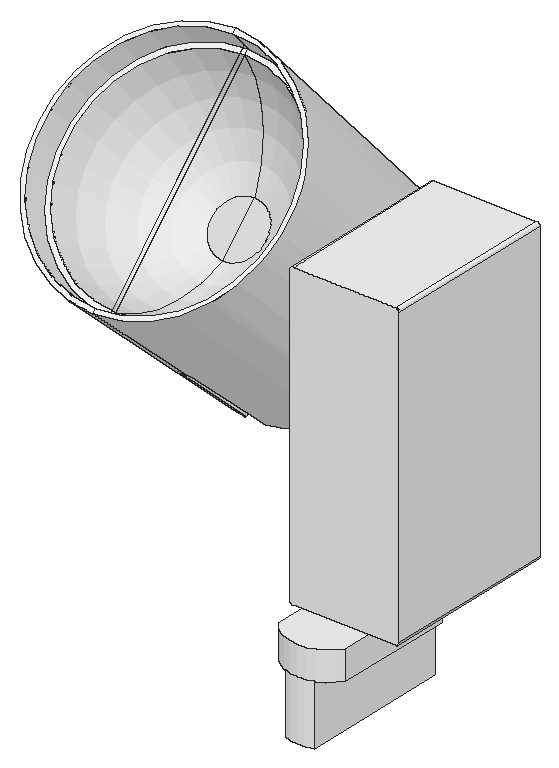
Revit family "0004935 Feilo Sylvania Lighting Fixture START TRACK SPOT L DALI 3616LM 940 MB WHT", category Lighting Fixtures, host Face, Revit 2017 (continued)
Definition of nested family "Start Track Spot Head"
  Types (96, lengths in mm): name | Wattage | built-in parameter 1150134 | Photometric Web File | Model | built-in parameter 1150105 | Lumens | built-in parameter 1150107 | built-in parameter 1150106 | HeadThickness_FEILO | HeadRibOffset_FEILO | HeadRibDepth_FEILO | HeadRibCutWidth_FEILO | HeadRibCutOffset_FEILO | HeadReflectorRadius_FEILO | HeadReflectorOffset_FEILO | HeadLEDRadius_FEILO | HeadHeight_FEILO | HeadDiffusorOffset_FEILO | HeadDiaOut_FEILO | HeadDiaIn_FEILO | HeadAxisFromTop_FEILO | Emit from Circle Diameter | built-in parameter 1150104 | Description | Apparent Load
    0004812 START TRACK SPOT S 14W 3K RA80 MB WHITE | 14 W | (empty or 0) | "0004812.ies" | "START TRACK SPOT S 14W 3K RA80 MB WHITE" | 120.32 (stored number, unit not read) | 1512 lm | 3000 (stored number, unit not read) | 1.2032 (stored number, unit not read) | 1.5 | 4.179 | 55.714 | 7.167 | 50.87 | 50.588 | 55.714 | 9.556 | 117 | 9.435 | 86 | 77.477 | 69.354 | 77.477 | 10.034 (stored number, unit not read) | "Integrated LED spotlight, Textured White - RAL9016, compact and minimalist design, ideal for retail applications, die-cast aluminium body, passive cooling heatsink. Beam angle: 36°, color temperature: 3000K , total system power: 14W, total fixture output: 1508 lm, LOR: 100%, colour rendering: Ra: 80 typical, LED Chromaticity: 3 step MacAdam ellipse, lifetime: >50000 hours at L70B50, energy class: A++, A+, A, IR/UV free light source without heat radiation, operating voltage: 220-240V / 50-60Hz, drive current: 350mA, electronic driver, non-dimmable, power factor: 0.92, electrical protection: Class II, Global Track 3 Phase adapter suitable for Global trac 3-circuit tracks, ingress protection rating: IP20, suitable for internal environment only, horizontal rotation: 355°, vertical tilt: 90°, dimensions: Ø86x140x200, weight: 0.940kg." | 14 VA
    0004811 START TRACK SPOT S 14W 3K RA80 NB WHITE | 14 W | (empty or 0) | "0004811.ies" | "START TRACK SPOT S 14W 3K RA80 NB WHITE" | 123.66 (stored number, unit not read) | 1554 lm | 3000 (stored number, unit not read) | 1.2366 (stored number, unit not read) | 1.5 | 4.179 | 55.714 | 7.167 | 50.87 | 50.588 | 55.714 | 9.556 | 117 | 9.435 | 86 | 77.477 | 69.354 | 77.477 | 10.312 (stored number, unit not read) | "Integrated LED spotlight, Textured White - RAL9016, compact and minimalist design, ideal for retail applications, die-cast aluminium body, passive cooling heatsink. Beam angle: 12°, color temperature: 3000K , total system power: 14W, total fixture output: 1551 lm, LOR: 100%, colour rendering: Ra: 80 typical, LED Chromaticity: 3 step MacAdam ellipse, lifetime: >50000 hours at L70B50, energy class: A++, A+, A, IR/UV free light source without heat radiation, operating voltage: 220-240V / 50-60Hz, drive current: 350mA, electronic driver, non-dimmable, power factor: 0.92, electrical protection: Class II, Global Track 3 Phase adapter suitable for Global trac 3-circuit tracks, ingress protection rating: IP20, suitable for internal environment only, horizontal rotation: 355°, vertical tilt: 90°, dimensions: Ø86x140x200, weight: 0.940kg." | 14 VA
  Reference planes
    plane 1 "Center (Front/Back)": y = 0
    plane 2: z = 0
    plane 3 "Center (Left/Right)": x = 0
    plane 4: x = 43
    plane 5: x = -43
    plane 6: x = -38.739
    plane 7: x = 38.739
    plane 8: z = 69.354
    plane 9: z = -47.646
    plane 10: x = -41.5
    plane 11: x = -37.239
    plane 12: z = -38.211
    plane 13: z = -35.211
    plane 14: z = 8.068
    plane 15: x = -9.556
    plane 16: x = -28.667
    plane 17: x = -19.111
    plane 18: x = -27.167
    plane 19: x = -17.611
    plane 20: x = -8.056
    plane 21: z = 13.64
    plane 22: x = -29.667
    plane 23: x = -26.167
    plane 24: x = -20.111
    plane 25: x = -16.611
    plane 26: x = -10.556
    plane 27: x = -7.056
    plane 28: x = -36.239
    plane 29: x = -40.5
    plane 30: z = 65.175
    plane 31: z = 60.997
    plane 32: z = 56.818
    plane 33: z = 18.484
    plane 34: y = -43
    plane 35: y = 43
    plane 36: y = 3.583
    plane 37: y = -3.583
    plane 38: y = -2.583
    plane 39: y = 2.583
    plane 40: y = 46
    plane 41: z = 13.5
    plane 42: z = -13.5
    plane 43: y = 39
    plane 44: x = 4.708
    plane 45: x = -2.458
    plane 46: x = -1.458
    plane 47: x = 1.458
  Forms (mm)
    Extrusion 1, solid
      sketch origin (4.2, 0, 0) x (1, 0, 0) y (0, 1, 0)
        loop
          line (-1219.2, 1219.2) -> (-1219.2, -1219.2) -> (1219.2, -1219.2) -> (1219.2, 1219.2) -> (-1219.2, 1219.2)
      from 0 to -68.017
    Revolve 2, solid, material <- "Material_1_FEILO", detail levels medium+fine
      sketch origin (0, 0, 0) x (1, 0, 0) y (0, 0, 1)
        loop
          line (-43, -47.646) -> (-41.5, -47.646) -> (-40.5, -35.211) -> (-38.739, -35.211)
          arc (-38.739, -35.211) -> (-30.16, -9.517) -> (-9.556, 8.068) r 50.588
          line (-9.556, 8.068) -> (0, 8.068) -> (0, 13.64) -> (-16.611, 13.64) -> (-17.611, 60.997) -> (-19.111, 60.997) -> (-20.111, 13.64) -> (-36.239, 13.64) -> (-37.239, 69.354) -> (-38.739, 69.354) -> (-43, -47.646)
        axis (0, 69.354) -> (0, -47.646)
      angle from 360 to 0
    Extrusion 3, void
      sketch origin (0, 0, 0) x (0, 1, 0) y (0, 0, 1)
        loop
          line (-3.583, 69.354) -> (-2.583, 18.484) -> (1.932, 18.484) -> (2.932, 69.354) -> (-3.583, 69.354)
      from 43 to -43
    Revolve 4, solid, material <- "Material_2_FEILO", detail levels medium+fine
      sketch origin (0, 0, 0) x (1, 0, 0) y (0, 0, 1)
        loop
          line (-41.5, -38.211) -> (0, -38.211) -> (0, -35.211) -> (-41.5, -35.211) -> (-41.5, -38.211)
        axis (0, -35.211) -> (0, -38.211)
      angle from 360 to 0
    Revolve 5, solid, material <- "Material_1_FEILO"
      sketch origin (0, 0, 0) x (0, 1, 0) y (0, 0, 1)
        loop
          line (46, 0) -> (39, 0) -> (39, -13.5) -> (46, -13.5) -> (46, 0)
        axis (39, 0) -> (46, 0)
      angle from 360 to 0
    Revolve 6, solid, material <- "Material_1_FEILO", detail levels medium+fine
      sketch origin (0, 0, 0) x (1, 0, 0) y (0, 0, 1)
        loop
          line (-29.667, 13.64) -> (-26.167, 13.64) -> (-27.167, 65.175) -> (-28.667, 65.175) -> (-29.667, 13.64)
        loop
          line (-10.556, 13.64) -> (-7.056, 13.64) -> (-7.833, 56.818) -> (-9.778, 56.818) -> (-10.556, 13.64)
        axis (0, 65.175) -> (0, 13.64)
      angle from 360 to 0
    Extrusion 7, void
      sketch origin (0, 0, 0) x (1, 0, 0) y (0, 0, 1)
        loop
          line (4.708, 69.354) -> (-2.458, 69.354) -> (-1.458, 13.64) -> (1.458, 13.64) -> (4.708, 69.354)
      from -43 to 43
    Revolve 8, solid, material <- "Material_1_FEILO", detail levels coarse
      sketch origin (0, 0, 0) x (1, 0, 0) y (0, 0, 1)
        loop
          line (0, 69.354) -> (-38.739, 69.354) -> (-43, -47.646) -> (-41.5, -47.646) -> (-40.731, -38.211) -> (0, -38.211) -> (0, 69.354)
        axis (0, 69.354) -> (0, -47.646)
      angle from 360 to 0
  Cuts and joins
    Extrusion 3 cuts Revolve 2
    Extrusion 7 cuts Revolve 6
  Dimensions and locks
    equal spacing: plane 7, plane 3 "Center (Left/Right)", plane 6
    equal spacing: plane 4, plane 3 "Center (Left/Right)", plane 5
    "HeadDiaOut_FEILO": plane 4 to plane 5
    "HeadDiaIn_FEILO": plane 7 to plane 6
    "HeadHeight_FEILO": plane 8 to plane 9
    "HeadThickness_FEILO": plane 10 to plane 5
    "HeadThickness_FEILO": plane 11 to plane 6
    "HeadDiffusorOffset_FEILO": plane 12 to plane 9
    "HeadDiffusorThickness_FEILO": plane 13 to plane 12
    "HeadReflectorOffset_FEILO": plane 14 to plane 9
    "HeadLEDRadius_FEILO": plane 3 "Center (Left/Right)" to plane 15
    "HeadLEDRadius_FEILO": plane 15 to plane 17
    "HeadLEDRadius_FEILO": plane 17 to plane 16
    "HeadThickness_FEILO": plane 18 to plane 16
    "HeadThickness_FEILO": plane 19 to plane 17
    "HeadThickness_FEILO": plane 20 to plane 15
    "HeadRibDepth_FEILO": plane 8 to plane 21
    "HeadDraft_FEILO": plane 16 to plane 22
    "HeadDraft_FEILO": plane 23 to plane 18
    "HeadDraft_FEILO": plane 17 to plane 24
    "HeadDraft_FEILO": plane 25 to plane 19
    "HeadDraft_FEILO": plane 15 to plane 26
    "HeadDraft_FEILO": plane 27 to plane 20
    "HeadDraft_FEILO": plane 29 to plane 10
    "HeadDraft_FEILO": plane 28 to plane 11
    "HeadRibOffset_FEILO": plane 8 to plane 30
    "HeadRibOffset_FEILO": plane 30 to plane 31
    "HeadRibOffset_FEILO": plane 31 to plane 32
    "HeadAxisFromTop_FEILO": plane 8 to plane 2
    "HeadRibCutOffset_FEILO": plane 8 to plane 33
    equal spacing: plane 34, plane 1 "Center (Front/Back)", plane 35
    "HeadDiaOut_FEILO": plane 34 to plane 35
    equal spacing: plane 38, plane 1 "Center (Front/Back)", plane 39
    equal spacing: plane 37, plane 1 "Center (Front/Back)", plane 36
    "HeadRibCutWidth_FEILO": plane 37 to plane 36
    "HeadDraft_FEILO": plane 37 to plane 38
    locked: plane 35 to plane 40 at 3
    equal spacing: plane 41, plane 2, plane 42
    locked: plane 42 to plane 41 at 27
    locked: plane 43 to plane 35 at 4
    equal spacing: plane 45, imposter light, plane 44
    "HeadDraft_FEILO": plane 46 to plane 45
    "HeadRibCutWidth_FEILO": plane 44 to plane 45
    equal spacing: plane 47, plane 3 "Center (Left/Right)", plane 46
    "HeadReflectorRadius_FEILO": radius of Revolve 2 sketch curve
    aligned and locked: plane 2 to Extrusion 1
    aligned and locked: level to Extrusion 1
    aligned and locked: Revolve 2 sketch curve to plane 3 "Center (Left/Right)"  (x2)
    aligned and locked: plane 9 to Revolve 2 sketch curve  (x2)
    aligned and locked: plane 5 to Revolve 2 sketch curve
    aligned and locked: plane 10 to Revolve 2 sketch curve
    aligned and locked: plane 14 to Revolve 2 sketch curve
    aligned and locked: plane 8 to Revolve 2 sketch curve
    aligned and locked: Revolve 2 sketch curve to plane 13
    aligned and locked: plane 12 to Revolve 4 sketch curve
    aligned and locked: plane 3 "Center (Left/Right)" to Revolve 4 sketch curve
    aligned and locked: Revolve 4 sketch curve to plane 10
    aligned and locked: Revolve 4 sketch curve to plane 3 "Center (Left/Right)"
    aligned and locked: plane 12 to imposter light
    aligned and locked: imposter light to plane 1 "Center (Front/Back)"
    aligned and locked: Revolve 5 sketch curve to plane 2
    aligned and locked: plane 43 to Revolve 5 sketch curve
    aligned and locked: plane 42 to Revolve 5 sketch curve
    aligned and locked: Revolve 6 sketch curve to plane 3 "Center (Left/Right)"
    aligned and locked: plane 22 to Revolve 6 sketch curve
    aligned and locked: plane 30 to Revolve 6 sketch curve
    aligned and locked: plane 23 to Revolve 6 sketch curve
    aligned and locked: Revolve 6 sketch curve to plane 21  (x2)
    aligned and locked: plane 21 to Revolve 6 sketch curve
    aligned and locked: plane 17 to Revolve 2 sketch curve
    aligned and locked: plane 19 to Revolve 2 sketch curve
    aligned and locked: plane 31 to Revolve 2 sketch curve
    aligned and locked: plane 21 to Revolve 2 sketch curve
    aligned and locked: Extrusion 3 to plane 8
    aligned and locked: plane 33 to Extrusion 3
    aligned and locked: plane 8 to Extrusion 3 sketch curve
    aligned and locked: Extrusion 3 sketch curve to plane 33
    aligned and locked: Extrusion 3 to plane 5
    aligned and locked: plane 4 to Extrusion 3
    aligned and locked: plane 32 to Revolve 6 sketch curve
    aligned and locked: plane 44 to Extrusion 7 sketch curve
    aligned and locked: Extrusion 7 sketch curve to plane 8
    aligned and locked: plane 46 to Extrusion 7 sketch curve
    aligned and locked: plane 21 to Extrusion 7 sketch curve
    aligned and locked: plane 34 to Extrusion 7
    aligned and locked: Extrusion 7 to plane 35
    aligned and locked: Revolve 4 sketch curve to plane 13
    aligned and locked: Revolve 5 sketch curve to plane 40
    aligned and locked: Revolve 8 sketch curve to plane 3 "Center (Left/Right)"
    aligned and locked: Revolve 8 sketch curve to cut or joined group of Revolve 2, Extrusion 3  (x3)
    aligned and locked: plane 5 to Revolve 8 sketch curve
    aligned and locked: plane 3 "Center (Left/Right)" to Revolve 8 sketch curve
    aligned and locked: plane 12 to Revolve 8 sketch curve
  Automatic sketch dimensions
    Extrusion 1 sketch curve to Extrusion 1 sketch curve = 2438.4 mm  (x2)
    Extrusion 3 sketch curve to plane 37 = 0 mm
    Extrusion 3 sketch curve to plane 38 = 0 mm
    plane 39 to Extrusion 3 sketch curve = 0.651 mm
    Extrusion 3 sketch curve to plane 39 = 0.349 mm
    Revolve 6 sketch curve to plane 16 = 0 mm
    Revolve 6 sketch curve to plane 18 = 0 mm
    Revolve 6 sketch curve to plane 26 = 0 mm
    Revolve 6 sketch curve to plane 27 = 0 mm
    Revolve 6 sketch curve to plane 15 = 0.222 mm
    plane 9 to Revolve 6 sketch curve = 559.103 mm
    Revolve 6 sketch curve to plane 8 = 2535.555 mm
    plane 20 to Revolve 6 sketch curve = 0.222 mm
    Revolve 2 sketch curve to plane 29 = 0 mm
    Revolve 2 sketch curve to plane 6 = 0 mm  (x2)
    Revolve 2 sketch curve to plane 11 = 0 mm
    Revolve 2 sketch curve to plane 21 = 0 mm
    Revolve 2 sketch curve to plane 28 = 0 mm
    Revolve 2 sketch curve to plane 24 = 0 mm
    Revolve 2 sketch curve to plane 25 = 0 mm
    Revolve 2 sketch curve to plane 15 = 0 mm
    Revolve 2 sketch curve to Revolve 2 sketch curve = 557.155 mm
    Revolve 2 sketch curve to plane 8 = 2535.558 mm
    Extrusion 7 sketch curve to plane 45 = 0 mm
    Extrusion 7 sketch curve to plane 47 = 0 mm
    plane 9 to Revolve 4 sketch curve = 559.103 mm
    Revolve 4 sketch curve to plane 8 = 2535.555 mm
    Revolve 5 sketch curve to level = 0 mm
    plane 34 to Revolve 5 sketch curve = 1968.092 mm
    Revolve 5 sketch curve to plane 40 = 1405.763 mm
    Revolve 8 sketch curve to plane 6 = 0 mm
    Revolve 8 sketch curve to plane 29 = 0.231 mm
    plane 9 to Revolve 8 sketch curve = 559.103 mm
    Revolve 8 sketch curve to Revolve 8 sketch curve = 2535.555 mm
Definition of nested family "Start Track Spot Box"
  Parameters (values of type "Type Large White")
    URL = "http://www.feilosylvania.com"
    Type Image = (empty or 0)
    Type Comments = "n/a"
    Small_FEILO = no
    Material_3_FEILO = none
    Model = ""
    Manufacturer = "Feilo Sylvania"
    Keynote = ""
    Material_2_FEILO = none
    Description = ""
    Default Elevation = 1219.2 mm
    Cost = 0
    Material_1_FEILO = none
    BoxWidth_FEILO = 49 mm
    BoxStartAngle_FEILO [instance] = 0.00°
    BoxRadius_FEILO = 1.5 mm
    BoxHeight_FEILO = if(Small_FEILO, 112 mm, 136 mm)  # 136 mm
    BoxEndAngle_FEILO [instance] = BoxStartAngle_FEILO - 180.00°  # -180.00°
    BoxDepth_FEILO = if(Small_FEILO, 71.5 mm, 79 mm)  # 79 mm
    BoxAxisVerticalOffset_FEILO = 16 mm
    BoxAxisOffset_FEILO = BoxHeight_FEILO / 6.8  # 20 mm
    Assembly Code = ""
    Material_4_FEILO = none
  Types (4, lengths in mm): name | Small_FEILO | BoxHeight_FEILO | BoxDepth_FEILO | BoxAxisOffset_FEILO
    Type Large White | no | 136 | 79 | 20
    Type Small White | yes | 112 | 71.5 | 16.471
    Type Small Black | yes | 112 | 71.5 | 16.471
    Type Large Black | no | 136 | 79 | 20
  Reference planes
    plane 1 "Center (Front/Back)": y = 0
    plane 2: z = 0
    plane 3 "Center (Left/Right)": x = 0
    plane 4: x = 24.5
    plane 5: x = -24.5
    plane 6: y = 68
    plane 7: y = -68
    plane 8: z = 39.5
    plane 9: z = -39.5
    plane 10: y = -48
    plane 11: x = 30.5
    plane 12: x = 8.5
    plane 13: x = 21.5
    plane 14: y = 70
    plane 15: y = 72
    plane 16: x = 19.5
  Forms (mm)
    Extrusion 1, solid
      sketch origin (4.2, 0, 0) x (1, 0, 0) y (0, 1, 0)
        loop
          line (-1219.2, 1219.2) -> (-1219.2, -1219.2) -> (1219.2, -1219.2) -> (1219.2, 1219.2) -> (-1219.2, 1219.2)
      from 0 to -68.017
    Extrusion 2, solid, material <- "Material_1_FEILO"
      sketch origin (0, 0, 0) x (1, 0, 0) y (0, 1, 0)
        loop
          arc (-23, 68) -> (-24.061, 67.561) -> (-24.5, 66.5) r 1.5
          line (-24.5, 66.5) -> (-24.5, -66.5)
          arc (-24.5, -66.5) -> (-24.061, -67.561) -> (-23, -68) r 1.5
          line (-23, -68) -> (23, -68)
          arc (23, -68) -> (24.061, -67.561) -> (24.5, -66.5) r 1.5
          line (24.5, -66.5) -> (24.5, 66.5)
          arc (24.5, 66.5) -> (24.061, 67.561) -> (23, 68) r 1.5
          line (23, 68) -> (-23, 68)
      from -39.5 to 39.5
    Revolve 3, solid, not visible
      sketch origin (0, 0, 0) x (1, 0, 0) y (0, 1, 0)
        loop
          line (30.5, -48) -> (24.5, -48) -> (24.5, -68) -> (30.5, -68) -> (30.5, -48)
        axis (30.5, -48) -> (24.5, -48)
      angle from 0 <- "BoxStartAngle_FEILO" to -180 <- "BoxEndAngle_FEILO"
    Revolve 4, solid, material <- "Material_2_FEILO"
      sketch origin (0, 0, 0) x (1, 0, 0) y (0, 1, 0)
        loop
          line (8.5, 68) -> (19.5, 68) -> (19.5, 70) -> (21.5, 70) -> (21.5, 72) -> (8.5, 72) -> (8.5, 68)
        axis (8.5, 72) -> (8.5, 68)
      angle from 360 to 0
  Dimensions and locks
    equal spacing: plane 5, plane 3 "Center (Left/Right)", plane 4
    "BoxWidth_FEILO": plane 5 to plane 4
    equal spacing: plane 7, plane 1 "Center (Front/Back)", plane 6
    "BoxHeight_FEILO": plane 7 to plane 6
    equal spacing: plane 8, plane 2, plane 9
    "BoxDepth_FEILO": plane 8 to plane 9
    "BoxAxisOffset_FEILO": plane 7 to plane 10
    locked: plane 4 to plane 11 at 6
    "BoxAxisVerticalOffset_FEILO": plane 12 to plane 4
    locked: plane 12 to plane 13 at 13
    plane 6 to plane 14 to plane 15 = 2 mm locked, 2 mm locked
    locked: plane 12 to plane 16 at 11
    "BoxRadius_FEILO": radius of Extrusion 2 sketch curve  (x4)
    aligned and locked: plane 2 to Extrusion 1
    aligned and locked: level to Extrusion 1
    aligned and locked: plane 6 to Extrusion 2 sketch curve
    aligned and locked: plane 5 to Extrusion 2 sketch curve
    aligned and locked: Extrusion 2 sketch curve to plane 7
    aligned and locked: Extrusion 2 sketch curve to plane 4
    aligned and locked: Extrusion 2 to plane 8
    aligned and locked: plane 9 to Extrusion 2
    aligned and locked: Revolve 3 sketch curve to plane 10  (x2)
    aligned and locked: plane 11 to Revolve 3 sketch curve
    aligned and locked: Revolve 3 sketch curve to plane 4
    aligned and locked: plane 7 to Revolve 3 sketch curve
    aligned and locked: Revolve 4 sketch curve to plane 12
    aligned and locked: plane 6 to Revolve 4 sketch curve
    aligned and locked: plane 12 to Revolve 4 sketch curve
    aligned and locked: plane 15 to Revolve 4 sketch curve
    aligned and locked: Revolve 4 sketch curve to plane 13
    aligned and locked: Revolve 4 sketch curve to plane 14
    aligned and locked: Revolve 4 sketch curve to plane 16
    aligned and locked: Revolve 4 sketch curve to plane 6
  Automatic sketch dimensions
    Extrusion 1 sketch curve to Extrusion 1 sketch curve = 2438.4 mm  (x2)
    Revolve 3 sketch curve to plane 5 = 1499.5 mm
    plane 11 to Revolve 3 sketch curve = 1493.5 mm
    plane 15 to Revolve 4 sketch curve = 0 mm
    plane 7 to Revolve 4 sketch curve = 1456 mm
    Revolve 4 sketch curve to plane 15 = 1452 mm
